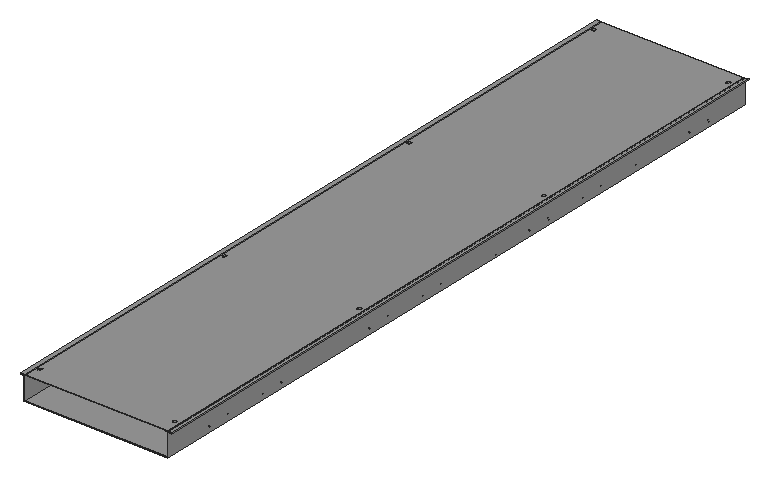
Revit family "Kanaleinheit Estrichbündig- OKB-FK 400", category Generic Models, Revit 2017
Family settings
  Can host rebar = No
  Round Connector Dimension = Use Diameter
  Part Type = Normal
  Work Plane-Based = No
  Always vertical = Yes
  Cut with Voids When Loaded = No
  Shared = No
  Room Calculation Point = No
Parameters (values of type "OKB-FK 400")
  URL = "http://www.obo-bettermann.com"
  Material = Strip galvanised
  Manufacturer Art.No. = "7403605"
  Manufacturer = "OBO BETTERMANN"
  GTIN = "4012196690503"
  Cut's number 3 = 10
  Cut's number 2 = 2
  Cut's number = 4
  Article Type = "OKB-FK 400"
Reference planes
  plane 1 "Center (Front/Back)": y = 0
  plane 2: z = 0
  plane 3 "Center (Left/Right)": x = 0
  plane 4: z = 66
  plane 5: x = 400
  plane 6: x = 10.002
  plane 7: x = 410.002
  plane 8: y = 2000
  plane 9: x = 210.052
  plane 10: y = 40
  plane 11: x = 23.452
  plane 12: x = 396.652
  plane 13: x = 210.052
  plane 14: y = 680
  plane 15: x = 23.452
  plane 16: x = 396.652
  plane 17: x = 210.052
  plane 18: y = 1320
  plane 19: x = 23.452
  plane 20: x = 396.652
  plane 21: x = 210.052
  plane 22: y = 1960
  plane 23: x = 23.452
  plane 24: x = 396.652
  plane 25: y = 130
  plane 26: z = 22.995
  plane 27: y = 115
  plane 28: y = 145
  plane 29: y = 195
  plane 30: z = 22.995
  plane 31: y = 180
  plane 32: y = 210
  plane 33: y = 130
  plane 34: z = 22.995
  plane 35: y = 115
  plane 36: y = 145
  plane 37: y = 315
  plane 38: z = 22.995
  plane 39: y = 300
  plane 40: y = 330
  plane 41: y = 380
  plane 42: z = 22.995
  plane 43: y = 365
  plane 44: y = 395
  plane 45: y = 500
  plane 46: z = 22.995
  plane 47: y = 485
  plane 48: y = 515
  plane 49: y = 565
  plane 50: z = 22.995
  plane 51: y = 550
  plane 52: y = 580
  plane 53: y = 685
  plane 54: z = 22.995
  plane 55: y = 670
  plane 56: y = 700
  plane 57: y = 750
  plane 58: z = 22.995
  plane 59: y = 735
  plane 60: y = 765
  plane 61: y = 870
  plane 62: z = 22.995
  plane 63: y = 855
  plane 64: y = 885
  plane 65: y = 935
  plane 66: z = 22.995
  plane 67: y = 920
  plane 68: y = 950
  plane 69: y = 1055
  plane 70: z = 22.995
  plane 71: y = 1040
  plane 72: y = 1070
  plane 73: y = 1120
  plane 74: z = 22.995
  plane 75: y = 1105
  plane 76: y = 1135
  plane 77: y = 1240
  plane 78: z = 22.995
  plane 79: y = 1225
  plane 80: y = 1255
  plane 81: y = 1305
  plane 82: z = 22.995
  plane 83: y = 1290
  plane 84: y = 1320
  plane 85: y = 1425
  plane 86: z = 22.995
  plane 87: y = 1410
  plane 88: y = 1440
  plane 89: y = 1490
  plane 90: z = 22.995
  plane 91: y = 1475
  plane 92: y = 1505
  plane 93: y = 1610
  plane 94: z = 22.995
  plane 95: y = 1595
  plane 96: y = 1625
  plane 97: y = 1675
  plane 98: z = 22.995
  plane 99: y = 1660
  plane 100: y = 1690
  plane 101: y = 1795
  plane 102: z = 22.995
  plane 103: y = 1780
  plane 104: y = 1810
  plane 105: y = 1860
  plane 106: z = 22.995
  plane 107: y = 1845
  plane 108: y = 1875
  plane 109: x = 210
  plane 110: y = 130
  plane 111: z = 22.995
  plane 112: y = 115
  plane 113: y = 145
  plane 114: y = 195
  plane 115: z = 22.995
  plane 116: y = 180
  plane 117: y = 210
  plane 118: y = 315
  plane 119: z = 22.995
  plane 120: y = 300
  plane 121: y = 330
  plane 122: y = 380
  plane 123: z = 22.995
  plane 124: y = 365
  plane 125: y = 395
  plane 126: y = 685
  plane 127: z = 22.995
  plane 128: y = 670
  plane 129: y = 700
  plane 130: y = 750
  plane 131: z = 22.995
  plane 132: y = 735
  plane 133: y = 765
  plane 134: y = 500
  plane 135: z = 22.995
  plane 136: y = 485
  plane 137: y = 515
  plane 138: y = 565
  plane 139: z = 22.995
  plane 140: y = 550
  plane 141: y = 580
  plane 142: x = 210
  plane 143: x = 210
  plane 144: y = 870
  plane 145: z = 22.995
  plane 146: y = 855
  plane 147: y = 885
  plane 148: y = 935
  plane 149: z = 22.995
  plane 150: y = 920
  plane 151: y = 950
  plane 152: y = 1055
  plane 153: z = 22.995
  plane 154: y = 1040
  plane 155: y = 1070
  plane 156: y = 1120
  plane 157: z = 22.995
  plane 158: y = 1105
  plane 159: y = 1135
  plane 160: y = 1240
  plane 161: z = 22.995
  plane 162: y = 1225
  plane 163: y = 1255
  plane 164: y = 1305
  plane 165: z = 22.995
  plane 166: y = 1290
  plane 167: y = 1320
  plane 168: y = 1425
  plane 169: z = 22.995
  plane 170: y = 1410
  plane 171: y = 1440
  plane 172: y = 1490
  plane 173: z = 22.995
  plane 174: y = 1475
  plane 175: y = 1505
  plane 176: y = 1610
  plane 177: z = 22.995
  plane 178: y = 1595
  plane 179: y = 1625
  plane 180: y = 1675
  plane 181: z = 22.995
  plane 182: y = 1660
  plane 183: y = 1690
  plane 184: y = 1795
  plane 185: z = 22.995
  plane 186: y = 1780
  plane 187: y = 1810
  plane 188: y = 1860
  plane 189: z = 22.995
  plane 190: y = 1845
  plane 191: y = 1875
  plane 192: through (407.998, -1524, 2.995) normal (-0.7071, 0, -0.7071)
  plane 193: y = 130
  plane 194: x = 387.998
  plane 195: y = 115
  plane 196: y = 145
  plane 197: y = 195
  plane 198: x = 387.998
  plane 199: y = 180
  plane 200: y = 210
  plane 201: y = 315
  plane 202: x = 387.998
  plane 203: y = 300
  plane 204: y = 330
  plane 205: y = 380
  plane 206: x = 387.998
  plane 207: y = 365
  plane 208: y = 395
  plane 209: y = 500
  plane 210: x = 387.998
  plane 211: y = 485
  plane 212: y = 515
  plane 213: y = 565
  plane 214: x = 387.998
  plane 215: y = 550
  plane 216: y = 580
  plane 217: y = 685
  plane 218: x = 387.998
  plane 219: y = 670
  plane 220: y = 700
  plane 221: y = 750
  plane 222: x = 387.998
  plane 223: y = 735
  plane 224: y = 765
  plane 225: y = 870
  plane 226: x = 387.998
  plane 227: y = 855
  plane 228: y = 885
  plane 229: y = 935
  plane 230: x = 387.998
  plane 231: y = 920
  plane 232: y = 950
  plane 233: y = 1055
  plane 234: x = 387.998
  plane 235: y = 1040
  plane 236: y = 1070
  plane 237: y = 1120
  plane 238: x = 387.998
  plane 239: y = 1105
  plane 240: y = 1135
  plane 241: y = 1240
  plane 242: x = 387.998
  plane 243: y = 1225
  plane 244: y = 1255
  plane 245: y = 1305
  plane 246: x = 387.998
  plane 247: y = 1290
  plane 248: y = 1320
  plane 249: y = 1425
  plane 250: x = 387.998
  plane 251: y = 1410
  plane 252: y = 1440
  plane 253: y = 1490
  plane 254: x = 387.998
  plane 255: y = 1475
  plane 256: y = 1505
  plane 257: y = 1610
  plane 258: x = 387.998
  plane 259: y = 1595
  plane 260: y = 1625
  plane 261: y = 1675
  plane 262: x = 387.998
  plane 263: y = 1660
  plane 264: y = 1690
  plane 265: y = 1795
  plane 266: x = 387.998
  plane 267: y = 1780
  plane 268: y = 1810
  plane 269: y = 1860
  plane 270: x = 387.998
  plane 271: y = 1845
  plane 272: y = 1875
  plane 273: y = 130
  plane 274: x = 32.002
  plane 275: y = 115
  plane 276: y = 145
  plane 277: y = 195
  plane 278: x = 32.002
  plane 279: y = 180
  plane 280: y = 210
  plane 281: y = 315
  plane 282: x = 32.002
  plane 283: y = 300
  plane 284: y = 330
  plane 285: y = 380
  plane 286: x = 32.002
  plane 287: y = 365
  plane 288: y = 395
  plane 289: y = 500
  plane 290: x = 32.002
  plane 291: y = 485
  plane 292: y = 515
  plane 293: y = 565
  plane 294: x = 32.002
  plane 295: y = 550
  plane 296: y = 580
  plane 297: y = 685
  plane 298: x = 32.002
  plane 299: y = 670
  plane 300: y = 700
  plane 301: y = 750
  plane 302: x = 32.002
  plane 303: y = 735
  plane 304: y = 765
  plane 305: y = 870
  plane 306: x = 32.002
  plane 307: y = 855
  plane 308: y = 885
  plane 309: y = 935
  plane 310: x = 32.002
  plane 311: y = 920
  plane 312: y = 950
  plane 313: y = 1055
  plane 314: x = 32.002
  plane 315: y = 1040
  plane 316: y = 1070
  plane 317: y = 1120
  plane 318: x = 32.002
  plane 319: y = 1105
  plane 320: y = 1135
  plane 321: y = 1240
  plane 322: x = 32.002
  plane 323: y = 1225
  plane 324: y = 1255
  plane 325: y = 1305
  plane 326: x = 32.002
  plane 327: y = 1290
  plane 328: y = 1320
  plane 329: y = 1425
  plane 330: x = 32.002
  plane 331: y = 1410
  plane 332: y = 1440
  plane 333: y = 1490
  plane 334: x = 32.002
  plane 335: y = 1475
  plane 336: y = 1505
  plane 337: y = 1610
  plane 338: x = 32.002
  plane 339: y = 1595
  plane 340: y = 1625
  plane 341: y = 1675
  plane 342: x = 32.002
  plane 343: y = 1660
  plane 344: y = 1690
  plane 345: y = 1795
  plane 346: x = 32.002
  plane 347: y = 1780
  plane 348: y = 1810
  plane 349: y = 1860
  plane 350: x = 32.002
  plane 351: y = 1845
  plane 352: y = 1875
Forms (mm)
  Extrusion 1, solid, material "Strip galvanised" <- "Material"
    sketch origin (0, 0, 0) x (1, 0, 0) y (0, 0, 1)
      loop
        line (0, 66.995) -> (0, 64.995) -> (10.002, 64.995) -> (10.002, 0.995) -> (410.002, 0.995) -> (410.002, 64.995) -> (419.991, 64.995) -> (419.991, 66.995) -> (408.022, 66.995) -> (408.022, 2.995) -> (12.002, 2.995) -> (12.002, 66.995) -> (0, 66.995)
    from 0 to -2000
  Extrusion 2, solid, material "Strip galvanised" <- "Material"
    sketch origin (0, 0, 0) x (1, 0, 0) y (0, 0, 1)
      loop
        line (12.002, 66.995) -> (12.002, 65.989) -> (408.022, 65.989) -> (408.022, 66.995) -> (12.002, 66.995)
    from 0 to -2000
  Extrusion 3, void
    sketch origin (0, 0, 0) x (1, 0, 0) y (0, 1, 0)
      loop
        circle (23.452, 40) r 5
      loop
        circle (396.652, 40) r 5
    from 64.995 to 66.995
  Extrusion 4, void
    sketch origin (0, 640, 0) x (1, 0, 0) y (0, 1, 0)
      loop
        circle (23.452, 40) r 5
      loop
        circle (396.652, 40) r 5
    from 64.995 to 66.995
  Extrusion 5, void
    sketch origin (0, 1280, 0) x (1, 0, 0) y (0, 1, 0)
      loop
        circle (23.452, 40) r 5
      loop
        circle (396.652, 40) r 5
    from 64.995 to 66.995
  Extrusion 6, void
    sketch origin (0, 1920, 0) x (1, 0, 0) y (0, 1, 0)
      loop
        circle (23.452, 40) r 5
      loop
        circle (396.652, 40) r 5
    from 64.995 to 66.995
  Extrusion 7, void
    sketch origin (0, 0, 0) x (0, 1, 0) y (0, 0, 1)
      loop
        line (115, 2.995) -> (116, 2.995) -> (116, 7.971)
        arc (116, 7.971) -> (130, 21.971) -> (144, 7.971) r 14
        line (144, 7.971) -> (144, 2.995) -> (145, 2.995) -> (145, 7.971)
        arc (145, 7.971) -> (130, 22.971) -> (115, 7.971) r 15
        line (115, 7.971) -> (115, 2.995)
    from 10.002 to 12.002
  Extrusion 8, void
    sketch origin (0, 65, 0) x (0, 1, 0) y (0, 0, 1)
      loop
        line (115, 2.995) -> (116, 2.995) -> (116, 7.971)
        arc (116, 7.971) -> (130, 21.971) -> (144, 7.971) r 14
        line (144, 7.971) -> (144, 2.995) -> (145, 2.995) -> (145, 7.971)
        arc (145, 7.971) -> (130, 22.971) -> (115, 7.971) r 15
        line (115, 7.971) -> (115, 2.995)
    from 10.002 to 12.002
  Extrusion 9, void, not visible
    sketch origin (0, 0, 0) x (0, 1, 0) y (0, 0, 1)
      loop
        line (115, 2.995) -> (116, 2.995) -> (116, 7.971)
        arc (116, 7.971) -> (130, 21.971) -> (144, 7.971) r 14
        line (144, 7.971) -> (144, 2.995) -> (145, 2.995) -> (145, 7.971)
        arc (145, 7.971) -> (130, 22.971) -> (115, 7.971) r 15
        line (115, 7.971) -> (115, 2.995)
    from 10.002 to 12.002
  Extrusion 10, void
    sketch origin (0, 185, 0) x (0, 1, 0) y (0, 0, 1)
      loop
        line (115, 2.995) -> (116, 2.995) -> (116, 7.971)
        arc (116, 7.971) -> (130, 21.971) -> (144, 7.971) r 14
        line (144, 7.971) -> (144, 2.995) -> (145, 2.995) -> (145, 7.971)
        arc (145, 7.971) -> (130, 22.971) -> (115, 7.971) r 15
        line (115, 7.971) -> (115, 2.995)
    from 10.002 to 12.002
  Extrusion 11, void
    sketch origin (0, 250, 0) x (0, 1, 0) y (0, 0, 1)
      loop
        line (115, 2.995) -> (116, 2.995) -> (116, 7.971)
        arc (116, 7.971) -> (130, 21.971) -> (144, 7.971) r 14
        line (144, 7.971) -> (144, 2.995) -> (145, 2.995) -> (145, 7.971)
        arc (145, 7.971) -> (130, 22.971) -> (115, 7.971) r 15
        line (115, 7.971) -> (115, 2.995)
    from 10.002 to 12.002
  Extrusion 12, void
    sketch origin (0, 370, 0) x (0, 1, 0) y (0, 0, 1)
      loop
        line (115, 2.995) -> (116, 2.995) -> (116, 7.971)
        arc (116, 7.971) -> (130, 21.971) -> (144, 7.971) r 14
        line (144, 7.971) -> (144, 2.995) -> (145, 2.995) -> (145, 7.971)
        arc (145, 7.971) -> (130, 22.971) -> (115, 7.971) r 15
        line (115, 7.971) -> (115, 2.995)
    from 10.002 to 12.002
  Extrusion 13, void
    sketch origin (0, 435, 0) x (0, 1, 0) y (0, 0, 1)
      loop
        line (115, 2.995) -> (116, 2.995) -> (116, 7.971)
        arc (116, 7.971) -> (130, 21.971) -> (144, 7.971) r 14
        line (144, 7.971) -> (144, 2.995) -> (145, 2.995) -> (145, 7.971)
        arc (145, 7.971) -> (130, 22.971) -> (115, 7.971) r 15
        line (115, 7.971) -> (115, 2.995)
    from 10.002 to 12.002
  Extrusion 14, void
    sketch origin (0, 555, 0) x (0, 1, 0) y (0, 0, 1)
      loop
        line (115, 2.995) -> (116, 2.995) -> (116, 7.971)
        arc (116, 7.971) -> (130, 21.971) -> (144, 7.971) r 14
        line (144, 7.971) -> (144, 2.995) -> (145, 2.995) -> (145, 7.971)
        arc (145, 7.971) -> (130, 22.971) -> (115, 7.971) r 15
        line (115, 7.971) -> (115, 2.995)
    from 10.002 to 12.002
  Extrusion 15, void
    sketch origin (0, 620, 0) x (0, 1, 0) y (0, 0, 1)
      loop
        line (115, 2.995) -> (116, 2.995) -> (116, 7.971)
        arc (116, 7.971) -> (130, 21.971) -> (144, 7.971) r 14
        line (144, 7.971) -> (144, 2.995) -> (145, 2.995) -> (145, 7.971)
        arc (145, 7.971) -> (130, 22.971) -> (115, 7.971) r 15
        line (115, 7.971) -> (115, 2.995)
    from 10.002 to 12.002
  Extrusion 16, void
    sketch origin (0, 740, 0) x (0, 1, 0) y (0, 0, 1)
      loop
        line (115, 2.995) -> (116, 2.995) -> (116, 7.971)
        arc (116, 7.971) -> (130, 21.971) -> (144, 7.971) r 14
        line (144, 7.971) -> (144, 2.995) -> (145, 2.995) -> (145, 7.971)
        arc (145, 7.971) -> (130, 22.971) -> (115, 7.971) r 15
        line (115, 7.971) -> (115, 2.995)
    from 10.002 to 12.002
  Extrusion 17, void
    sketch origin (0, 805, 0) x (0, 1, 0) y (0, 0, 1)
      loop
        line (115, 2.995) -> (116, 2.995) -> (116, 7.971)
        arc (116, 7.971) -> (130, 21.971) -> (144, 7.971) r 14
        line (144, 7.971) -> (144, 2.995) -> (145, 2.995) -> (145, 7.971)
        arc (145, 7.971) -> (130, 22.971) -> (115, 7.971) r 15
        line (115, 7.971) -> (115, 2.995)
    from 10.002 to 12.002
  Extrusion 18, void
    sketch origin (0, 925, 0) x (0, 1, 0) y (0, 0, 1)
      loop
        line (115, 2.995) -> (116, 2.995) -> (116, 7.971)
        arc (116, 7.971) -> (130, 21.971) -> (144, 7.971) r 14
        line (144, 7.971) -> (144, 2.995) -> (145, 2.995) -> (145, 7.971)
        arc (145, 7.971) -> (130, 22.971) -> (115, 7.971) r 15
        line (115, 7.971) -> (115, 2.995)
    from 10.002 to 12.002
  Extrusion 19, void
    sketch origin (0, 990, 0) x (0, 1, 0) y (0, 0, 1)
      loop
        line (115, 2.995) -> (116, 2.995) -> (116, 7.971)
        arc (116, 7.971) -> (130, 21.971) -> (144, 7.971) r 14
        line (144, 7.971) -> (144, 2.995) -> (145, 2.995) -> (145, 7.971)
        arc (145, 7.971) -> (130, 22.971) -> (115, 7.971) r 15
        line (115, 7.971) -> (115, 2.995)
    from 10.002 to 12.002
  Extrusion 20, void
    sketch origin (0, 1110, 0) x (0, 1, 0) y (0, 0, 1)
      loop
        line (115, 2.995) -> (116, 2.995) -> (116, 7.971)
        arc (116, 7.971) -> (130, 21.971) -> (144, 7.971) r 14
        line (144, 7.971) -> (144, 2.995) -> (145, 2.995) -> (145, 7.971)
        arc (145, 7.971) -> (130, 22.971) -> (115, 7.971) r 15
        line (115, 7.971) -> (115, 2.995)
    from 10.002 to 12.002
  Extrusion 21, void
    sketch origin (0, 1175, 0) x (0, 1, 0) y (0, 0, 1)
      loop
        line (115, 2.995) -> (116, 2.995) -> (116, 7.971)
        arc (116, 7.971) -> (130, 21.971) -> (144, 7.971) r 14
        line (144, 7.971) -> (144, 2.995) -> (145, 2.995) -> (145, 7.971)
        arc (145, 7.971) -> (130, 22.971) -> (115, 7.971) r 15
        line (115, 7.971) -> (115, 2.995)
    from 10.002 to 12.002
  Extrusion 22, void
    sketch origin (0, 1295, 0) x (0, 1, 0) y (0, 0, 1)
      loop
        line (115, 2.995) -> (116, 2.995) -> (116, 7.971)
        arc (116, 7.971) -> (130, 21.971) -> (144, 7.971) r 14
        line (144, 7.971) -> (144, 2.995) -> (145, 2.995) -> (145, 7.971)
        arc (145, 7.971) -> (130, 22.971) -> (115, 7.971) r 15
        line (115, 7.971) -> (115, 2.995)
    from 10.002 to 12.002
  Extrusion 23, void
    sketch origin (0, 1360, 0) x (0, 1, 0) y (0, 0, 1)
      loop
        line (115, 2.995) -> (116, 2.995) -> (116, 7.971)
        arc (116, 7.971) -> (130, 21.971) -> (144, 7.971) r 14
        line (144, 7.971) -> (144, 2.995) -> (145, 2.995) -> (145, 7.971)
        arc (145, 7.971) -> (130, 22.971) -> (115, 7.971) r 15
        line (115, 7.971) -> (115, 2.995)
    from 10.002 to 12.002
  Extrusion 24, void
    sketch origin (0, 1480, 0) x (0, 1, 0) y (0, 0, 1)
      loop
        line (115, 2.995) -> (116, 2.995) -> (116, 7.971)
        arc (116, 7.971) -> (130, 21.971) -> (144, 7.971) r 14
        line (144, 7.971) -> (144, 2.995) -> (145, 2.995) -> (145, 7.971)
        arc (145, 7.971) -> (130, 22.971) -> (115, 7.971) r 15
        line (115, 7.971) -> (115, 2.995)
    from 10.002 to 12.002
  Extrusion 25, void
    sketch origin (0, 1545, 0) x (0, 1, 0) y (0, 0, 1)
      loop
        line (115, 2.995) -> (116, 2.995) -> (116, 7.971)
        arc (116, 7.971) -> (130, 21.971) -> (144, 7.971) r 14
        line (144, 7.971) -> (144, 2.995) -> (145, 2.995) -> (145, 7.971)
        arc (145, 7.971) -> (130, 22.971) -> (115, 7.971) r 15
        line (115, 7.971) -> (115, 2.995)
    from 10.002 to 12.002
  Extrusion 26, void
    sketch origin (0, 1665, 0) x (0, 1, 0) y (0, 0, 1)
      loop
        line (115, 2.995) -> (116, 2.995) -> (116, 7.971)
        arc (116, 7.971) -> (130, 21.971) -> (144, 7.971) r 14
        line (144, 7.971) -> (144, 2.995) -> (145, 2.995) -> (145, 7.971)
        arc (145, 7.971) -> (130, 22.971) -> (115, 7.971) r 15
        line (115, 7.971) -> (115, 2.995)
    from 10.002 to 12.002
  Extrusion 27, void
    sketch origin (0, 1730, 0) x (0, 1, 0) y (0, 0, 1)
      loop
        line (115, 2.995) -> (116, 2.995) -> (116, 7.971)
        arc (116, 7.971) -> (130, 21.971) -> (144, 7.971) r 14
        line (144, 7.971) -> (144, 2.995) -> (145, 2.995) -> (145, 7.971)
        arc (145, 7.971) -> (130, 22.971) -> (115, 7.971) r 15
        line (115, 7.971) -> (115, 2.995)
    from 10.002 to 12.002
  Extrusion 28, void
    sketch origin (420, 0, 0) x (0, 1, 0) y (0, 0, -1)
      loop
        line (115, -2.995) -> (115, -7.971)
        arc (115, -7.971) -> (130, -22.971) -> (145, -7.971) r 15
        line (145, -7.971) -> (145, -2.995) -> (144, -2.995) -> (144, -7.971)
        arc (144, -7.971) -> (130, -21.971) -> (116, -7.971) r 14
        line (116, -7.971) -> (116, -2.995) -> (115, -2.995)
    from 10.002 to 12.002
  Extrusion 29, void
    sketch origin (420, 65, 0) x (0, 1, 0) y (0, 0, -1)
      loop
        line (115, -2.995) -> (115, -7.971)
        arc (115, -7.971) -> (130, -22.971) -> (145, -7.971) r 15
        line (145, -7.971) -> (145, -2.995) -> (144, -2.995) -> (144, -7.971)
        arc (144, -7.971) -> (130, -21.971) -> (116, -7.971) r 14
        line (116, -7.971) -> (116, -2.995) -> (115, -2.995)
    from 10.002 to 12.002
  Extrusion 30, void
    sketch origin (420, 185, 0) x (0, 1, 0) y (0, 0, -1)
      loop
        line (115, -2.995) -> (115, -7.971)
        arc (115, -7.971) -> (130, -22.971) -> (145, -7.971) r 15
        line (145, -7.971) -> (145, -2.995) -> (144, -2.995) -> (144, -7.971)
        arc (144, -7.971) -> (130, -21.971) -> (116, -7.971) r 14
        line (116, -7.971) -> (116, -2.995) -> (115, -2.995)
    from 10.002 to 12.002
  Extrusion 31, void
    sketch origin (420, 250, 0) x (0, 1, 0) y (0, 0, -1)
      loop
        line (115, -2.995) -> (115, -7.971)
        arc (115, -7.971) -> (130, -22.971) -> (145, -7.971) r 15
        line (145, -7.971) -> (145, -2.995) -> (144, -2.995) -> (144, -7.971)
        arc (144, -7.971) -> (130, -21.971) -> (116, -7.971) r 14
        line (116, -7.971) -> (116, -2.995) -> (115, -2.995)
    from 10.002 to 12.002
  Extrusion 32, void
    sketch origin (420, 555, 0) x (0, 1, 0) y (0, 0, -1)
      loop
        line (115, -2.995) -> (115, -7.971)
        arc (115, -7.971) -> (130, -22.971) -> (145, -7.971) r 15
        line (145, -7.971) -> (145, -2.995) -> (144, -2.995) -> (144, -7.971)
        arc (144, -7.971) -> (130, -21.971) -> (116, -7.971) r 14
        line (116, -7.971) -> (116, -2.995) -> (115, -2.995)
    from 10.002 to 12.002
  Extrusion 33, void
    sketch origin (420, 620, 0) x (0, 1, 0) y (0, 0, -1)
      loop
        line (115, -2.995) -> (115, -7.971)
        arc (115, -7.971) -> (130, -22.971) -> (145, -7.971) r 15
        line (145, -7.971) -> (145, -2.995) -> (144, -2.995) -> (144, -7.971)
        arc (144, -7.971) -> (130, -21.971) -> (116, -7.971) r 14
        line (116, -7.971) -> (116, -2.995) -> (115, -2.995)
    from 10.002 to 12.002
  Extrusion 34, void
    sketch origin (420, 370, 0) x (0, 1, 0) y (0, 0, -1)
      loop
        line (115, -2.995) -> (115, -7.971)
        arc (115, -7.971) -> (130, -22.971) -> (145, -7.971) r 15
        line (145, -7.971) -> (145, -2.995) -> (144, -2.995) -> (144, -7.971)
        arc (144, -7.971) -> (130, -21.971) -> (116, -7.971) r 14
        line (116, -7.971) -> (116, -2.995) -> (115, -2.995)
    from 10.002 to 12.002
  Extrusion 35, void
    sketch origin (420, 435, 0) x (0, 1, 0) y (0, 0, -1)
      loop
        line (115, -2.995) -> (115, -7.971)
        arc (115, -7.971) -> (130, -22.971) -> (145, -7.971) r 15
        line (145, -7.971) -> (145, -2.995) -> (144, -2.995) -> (144, -7.971)
        arc (144, -7.971) -> (130, -21.971) -> (116, -7.971) r 14
        line (116, -7.971) -> (116, -2.995) -> (115, -2.995)
    from 10.002 to 12.002
  Extrusion 36, void
    sketch origin (420, 740, 0) x (0, 1, 0) y (0, 0, -1)
      loop
        line (115, -2.995) -> (115, -7.971)
        arc (115, -7.971) -> (130, -22.971) -> (145, -7.971) r 15
        line (145, -7.971) -> (145, -2.995) -> (144, -2.995) -> (144, -7.971)
        arc (144, -7.971) -> (130, -21.971) -> (116, -7.971) r 14
        line (116, -7.971) -> (116, -2.995) -> (115, -2.995)
    from 10.002 to 12.002
  Extrusion 37, void
    sketch origin (420, 805, 0) x (0, 1, 0) y (0, 0, -1)
      loop
        line (115, -2.995) -> (115, -7.971)
        arc (115, -7.971) -> (130, -22.971) -> (145, -7.971) r 15
        line (145, -7.971) -> (145, -2.995) -> (144, -2.995) -> (144, -7.971)
        arc (144, -7.971) -> (130, -21.971) -> (116, -7.971) r 14
        line (116, -7.971) -> (116, -2.995) -> (115, -2.995)
    from 10.002 to 12.002
  Extrusion 38, void
    sketch origin (420, 925, 0) x (0, 1, 0) y (0, 0, -1)
      loop
        line (115, -2.995) -> (115, -7.971)
        arc (115, -7.971) -> (130, -22.971) -> (145, -7.971) r 15
        line (145, -7.971) -> (145, -2.995) -> (144, -2.995) -> (144, -7.971)
        arc (144, -7.971) -> (130, -21.971) -> (116, -7.971) r 14
        line (116, -7.971) -> (116, -2.995) -> (115, -2.995)
    from 10.002 to 12.002
  Extrusion 39, void
    sketch origin (420, 990, 0) x (0, 1, 0) y (0, 0, -1)
      loop
        line (115, -2.995) -> (115, -7.971)
        arc (115, -7.971) -> (130, -22.971) -> (145, -7.971) r 15
        line (145, -7.971) -> (145, -2.995) -> (144, -2.995) -> (144, -7.971)
        arc (144, -7.971) -> (130, -21.971) -> (116, -7.971) r 14
        line (116, -7.971) -> (116, -2.995) -> (115, -2.995)
    from 10.002 to 12.002
  Extrusion 40, void
    sketch origin (420, 1110, 0) x (0, 1, 0) y (0, 0, -1)
      loop
        line (115, -2.995) -> (115, -7.971)
        arc (115, -7.971) -> (130, -22.971) -> (145, -7.971) r 15
        line (145, -7.971) -> (145, -2.995) -> (144, -2.995) -> (144, -7.971)
        arc (144, -7.971) -> (130, -21.971) -> (116, -7.971) r 14
        line (116, -7.971) -> (116, -2.995) -> (115, -2.995)
    from 10.002 to 12.002
  Extrusion 41, void
    sketch origin (420, 1175, 0) x (0, 1, 0) y (0, 0, -1)
      loop
        line (115, -2.995) -> (115, -7.971)
        arc (115, -7.971) -> (130, -22.971) -> (145, -7.971) r 15
        line (145, -7.971) -> (145, -2.995) -> (144, -2.995) -> (144, -7.971)
        arc (144, -7.971) -> (130, -21.971) -> (116, -7.971) r 14
        line (116, -7.971) -> (116, -2.995) -> (115, -2.995)
    from 10.002 to 12.002
  Extrusion 42, void
    sketch origin (420, 1295, 0) x (0, 1, 0) y (0, 0, -1)
      loop
        line (115, -2.995) -> (115, -7.971)
        arc (115, -7.971) -> (130, -22.971) -> (145, -7.971) r 15
        line (145, -7.971) -> (145, -2.995) -> (144, -2.995) -> (144, -7.971)
        arc (144, -7.971) -> (130, -21.971) -> (116, -7.971) r 14
        line (116, -7.971) -> (116, -2.995) -> (115, -2.995)
    from 10.002 to 12.002
  Extrusion 43, void
    sketch origin (420, 1360, 0) x (0, 1, 0) y (0, 0, -1)
      loop
        line (115, -2.995) -> (115, -7.971)
        arc (115, -7.971) -> (130, -22.971) -> (145, -7.971) r 15
        line (145, -7.971) -> (145, -2.995) -> (144, -2.995) -> (144, -7.971)
        arc (144, -7.971) -> (130, -21.971) -> (116, -7.971) r 14
        line (116, -7.971) -> (116, -2.995) -> (115, -2.995)
    from 10.002 to 12.002
  Extrusion 44, void
    sketch origin (420, 1480, 0) x (0, 1, 0) y (0, 0, -1)
      loop
        line (115, -2.995) -> (115, -7.971)
        arc (115, -7.971) -> (130, -22.971) -> (145, -7.971) r 15
        line (145, -7.971) -> (145, -2.995) -> (144, -2.995) -> (144, -7.971)
        arc (144, -7.971) -> (130, -21.971) -> (116, -7.971) r 14
        line (116, -7.971) -> (116, -2.995) -> (115, -2.995)
    from 10.002 to 12.002
  Extrusion 45, void
    sketch origin (420, 1545, 0) x (0, 1, 0) y (0, 0, -1)
      loop
        line (115, -2.995) -> (115, -7.971)
        arc (115, -7.971) -> (130, -22.971) -> (145, -7.971) r 15
        line (145, -7.971) -> (145, -2.995) -> (144, -2.995) -> (144, -7.971)
        arc (144, -7.971) -> (130, -21.971) -> (116, -7.971) r 14
        line (116, -7.971) -> (116, -2.995) -> (115, -2.995)
    from 10.002 to 12.002
  Extrusion 46, void
    sketch origin (420, 1665, 0) x (0, 1, 0) y (0, 0, -1)
      loop
        line (115, -2.995) -> (115, -7.971)
        arc (115, -7.971) -> (130, -22.971) -> (145, -7.971) r 15
        line (145, -7.971) -> (145, -2.995) -> (144, -2.995) -> (144, -7.971)
        arc (144, -7.971) -> (130, -21.971) -> (116, -7.971) r 14
        line (116, -7.971) -> (116, -2.995) -> (115, -2.995)
    from 10.002 to 12.002
  Extrusion 47, void
    sketch origin (420, 1730, 0) x (0, 1, 0) y (0, 0, -1)
      loop
        line (115, -2.995) -> (115, -7.971)
        arc (115, -7.971) -> (130, -22.971) -> (145, -7.971) r 15
        line (145, -7.971) -> (145, -2.995) -> (144, -2.995) -> (144, -7.971)
        arc (144, -7.971) -> (130, -21.971) -> (116, -7.971) r 14
        line (116, -7.971) -> (116, -2.995) -> (115, -2.995)
    from 10.002 to 12.002
  Extrusion 48, void
    sketch origin (9.008, -3460, -9.008) x (0, -1, 0) y (1, 0, 0)
      loop
        line (-3575, 398.99) -> (-3576, 398.99) -> (-3576, 394.013)
        arc (-3576, 394.013) -> (-3590, 380.013) -> (-3604, 394.013) r 14
        line (-3604, 394.013) -> (-3604, 398.99) -> (-3605, 398.99) -> (-3605, 394.013)
        arc (-3605, 394.013) -> (-3590, 379.013) -> (-3575, 394.013) r 15
        line (-3575, 394.013) -> (-3575, 398.99)
    from 10.002 to 12.002
  Extrusion 49, void
    sketch origin (9.008, -3395, -9.008) x (0, -1, 0) y (1, 0, 0)
      loop
        line (-3575, 398.99) -> (-3576, 398.99) -> (-3576, 394.013)
        arc (-3576, 394.013) -> (-3590, 380.013) -> (-3604, 394.013) r 14
        line (-3604, 394.013) -> (-3604, 398.99) -> (-3605, 398.99) -> (-3605, 394.013)
        arc (-3605, 394.013) -> (-3590, 379.013) -> (-3575, 394.013) r 15
        line (-3575, 394.013) -> (-3575, 398.99)
    from 10.002 to 12.002
  Extrusion 50, void
    sketch origin (9.008, -3275, -9.008) x (0, -1, 0) y (1, 0, 0)
      loop
        line (-3575, 398.99) -> (-3576, 398.99) -> (-3576, 394.013)
        arc (-3576, 394.013) -> (-3590, 380.013) -> (-3604, 394.013) r 14
        line (-3604, 394.013) -> (-3604, 398.99) -> (-3605, 398.99) -> (-3605, 394.013)
        arc (-3605, 394.013) -> (-3590, 379.013) -> (-3575, 394.013) r 15
        line (-3575, 394.013) -> (-3575, 398.99)
    from 10.002 to 12.002
  Extrusion 51, void
    sketch origin (9.008, -3210, -9.008) x (0, -1, 0) y (1, 0, 0)
      loop
        line (-3575, 398.99) -> (-3576, 398.99) -> (-3576, 394.013)
        arc (-3576, 394.013) -> (-3590, 380.013) -> (-3604, 394.013) r 14
        line (-3604, 394.013) -> (-3604, 398.99) -> (-3605, 398.99) -> (-3605, 394.013)
        arc (-3605, 394.013) -> (-3590, 379.013) -> (-3575, 394.013) r 15
        line (-3575, 394.013) -> (-3575, 398.99)
    from 10.002 to 12.002
  Extrusion 52, void
    sketch origin (9.008, -3090, -9.008) x (0, -1, 0) y (1, 0, 0)
      loop
        line (-3575, 398.99) -> (-3576, 398.99) -> (-3576, 394.013)
        arc (-3576, 394.013) -> (-3590, 380.013) -> (-3604, 394.013) r 14
        line (-3604, 394.013) -> (-3604, 398.99) -> (-3605, 398.99) -> (-3605, 394.013)
        arc (-3605, 394.013) -> (-3590, 379.013) -> (-3575, 394.013) r 15
        line (-3575, 394.013) -> (-3575, 398.99)
    from 10.002 to 12.002
  Extrusion 53, void
    sketch origin (9.008, -3025, -9.008) x (0, -1, 0) y (1, 0, 0)
      loop
        line (-3575, 398.99) -> (-3576, 398.99) -> (-3576, 394.013)
        arc (-3576, 394.013) -> (-3590, 380.013) -> (-3604, 394.013) r 14
        line (-3604, 394.013) -> (-3604, 398.99) -> (-3605, 398.99) -> (-3605, 394.013)
        arc (-3605, 394.013) -> (-3590, 379.013) -> (-3575, 394.013) r 15
        line (-3575, 394.013) -> (-3575, 398.99)
    from 10.002 to 12.002
  Extrusion 54, void
    sketch origin (9.008, -2905, -9.008) x (0, -1, 0) y (1, 0, 0)
      loop
        line (-3575, 398.99) -> (-3576, 398.99) -> (-3576, 394.013)
        arc (-3576, 394.013) -> (-3590, 380.013) -> (-3604, 394.013) r 14
        line (-3604, 394.013) -> (-3604, 398.99) -> (-3605, 398.99) -> (-3605, 394.013)
        arc (-3605, 394.013) -> (-3590, 379.013) -> (-3575, 394.013) r 15
        line (-3575, 394.013) -> (-3575, 398.99)
    from 10.002 to 12.002
  Extrusion 55, void
    sketch origin (9.008, -2840, -9.008) x (0, -1, 0) y (1, 0, 0)
      loop
        line (-3575, 398.99) -> (-3576, 398.99) -> (-3576, 394.013)
        arc (-3576, 394.013) -> (-3590, 380.013) -> (-3604, 394.013) r 14
        line (-3604, 394.013) -> (-3604, 398.99) -> (-3605, 398.99) -> (-3605, 394.013)
        arc (-3605, 394.013) -> (-3590, 379.013) -> (-3575, 394.013) r 15
        line (-3575, 394.013) -> (-3575, 398.99)
    from 10.002 to 12.002
  Extrusion 56, void
    sketch origin (9.008, -2720, -9.008) x (0, -1, 0) y (1, 0, 0)
      loop
        line (-3575, 398.99) -> (-3576, 398.99) -> (-3576, 394.013)
        arc (-3576, 394.013) -> (-3590, 380.013) -> (-3604, 394.013) r 14
        line (-3604, 394.013) -> (-3604, 398.99) -> (-3605, 398.99) -> (-3605, 394.013)
        arc (-3605, 394.013) -> (-3590, 379.013) -> (-3575, 394.013) r 15
        line (-3575, 394.013) -> (-3575, 398.99)
    from 10.002 to 12.002
  Extrusion 57, void
    sketch origin (9.008, -2655, -9.008) x (0, -1, 0) y (1, 0, 0)
      loop
        line (-3575, 398.99) -> (-3576, 398.99) -> (-3576, 394.013)
        arc (-3576, 394.013) -> (-3590, 380.013) -> (-3604, 394.013) r 14
        line (-3604, 394.013) -> (-3604, 398.99) -> (-3605, 398.99) -> (-3605, 394.013)
        arc (-3605, 394.013) -> (-3590, 379.013) -> (-3575, 394.013) r 15
        line (-3575, 394.013) -> (-3575, 398.99)
    from 10.002 to 12.002
  Extrusion 58, void
    sketch origin (9.008, -2535, -9.008) x (0, -1, 0) y (1, 0, 0)
      loop
        line (-3575, 398.99) -> (-3576, 398.99) -> (-3576, 394.013)
        arc (-3576, 394.013) -> (-3590, 380.013) -> (-3604, 394.013) r 14
        line (-3604, 394.013) -> (-3604, 398.99) -> (-3605, 398.99) -> (-3605, 394.013)
        arc (-3605, 394.013) -> (-3590, 379.013) -> (-3575, 394.013) r 15
        line (-3575, 394.013) -> (-3575, 398.99)
    from 10.002 to 12.002
  Extrusion 59, void
    sketch origin (9.008, -2470, -9.008) x (0, -1, 0) y (1, 0, 0)
      loop
        line (-3575, 398.99) -> (-3576, 398.99) -> (-3576, 394.013)
        arc (-3576, 394.013) -> (-3590, 380.013) -> (-3604, 394.013) r 14
        line (-3604, 394.013) -> (-3604, 398.99) -> (-3605, 398.99) -> (-3605, 394.013)
        arc (-3605, 394.013) -> (-3590, 379.013) -> (-3575, 394.013) r 15
        line (-3575, 394.013) -> (-3575, 398.99)
    from 10.002 to 12.002
  Extrusion 60, void
    sketch origin (9.008, -2350, -9.008) x (0, -1, 0) y (1, 0, 0)
      loop
        line (-3575, 398.99) -> (-3576, 398.99) -> (-3576, 394.013)
        arc (-3576, 394.013) -> (-3590, 380.013) -> (-3604, 394.013) r 14
        line (-3604, 394.013) -> (-3604, 398.99) -> (-3605, 398.99) -> (-3605, 394.013)
        arc (-3605, 394.013) -> (-3590, 379.013) -> (-3575, 394.013) r 15
        line (-3575, 394.013) -> (-3575, 398.99)
    from 10.002 to 12.002
  Extrusion 61, void
    sketch origin (9.008, -2285, -9.008) x (0, -1, 0) y (1, 0, 0)
      loop
        line (-3575, 398.99) -> (-3576, 398.99) -> (-3576, 394.013)
        arc (-3576, 394.013) -> (-3590, 380.013) -> (-3604, 394.013) r 14
        line (-3604, 394.013) -> (-3604, 398.99) -> (-3605, 398.99) -> (-3605, 394.013)
        arc (-3605, 394.013) -> (-3590, 379.013) -> (-3575, 394.013) r 15
        line (-3575, 394.013) -> (-3575, 398.99)
    from 10.002 to 12.002
  Extrusion 62, void
    sketch origin (9.008, -2165, -9.008) x (0, -1, 0) y (1, 0, 0)
      loop
        line (-3575, 398.99) -> (-3576, 398.99) -> (-3576, 394.013)
        arc (-3576, 394.013) -> (-3590, 380.013) -> (-3604, 394.013) r 14
        line (-3604, 394.013) -> (-3604, 398.99) -> (-3605, 398.99) -> (-3605, 394.013)
        arc (-3605, 394.013) -> (-3590, 379.013) -> (-3575, 394.013) r 15
        line (-3575, 394.013) -> (-3575, 398.99)
    from 10.002 to 12.002
  Extrusion 63, void
    sketch origin (9.008, -2100, -9.008) x (0, -1, 0) y (1, 0, 0)
      loop
        line (-3575, 398.99) -> (-3576, 398.99) -> (-3576, 394.013)
        arc (-3576, 394.013) -> (-3590, 380.013) -> (-3604, 394.013) r 14
        line (-3604, 394.013) -> (-3604, 398.99) -> (-3605, 398.99) -> (-3605, 394.013)
        arc (-3605, 394.013) -> (-3590, 379.013) -> (-3575, 394.013) r 15
        line (-3575, 394.013) -> (-3575, 398.99)
    from 10.002 to 12.002
  Extrusion 64, void
    sketch origin (9.008, -1980, -9.008) x (0, -1, 0) y (1, 0, 0)
      loop
        line (-3575, 398.99) -> (-3576, 398.99) -> (-3576, 394.013)
        arc (-3576, 394.013) -> (-3590, 380.013) -> (-3604, 394.013) r 14
        line (-3604, 394.013) -> (-3604, 398.99) -> (-3605, 398.99) -> (-3605, 394.013)
        arc (-3605, 394.013) -> (-3590, 379.013) -> (-3575, 394.013) r 15
        line (-3575, 394.013) -> (-3575, 398.99)
    from 10.002 to 12.002
  Extrusion 65, void
    sketch origin (9.008, -1915, -9.008) x (0, -1, 0) y (1, 0, 0)
      loop
        line (-3575, 398.99) -> (-3576, 398.99) -> (-3576, 394.013)
        arc (-3576, 394.013) -> (-3590, 380.013) -> (-3604, 394.013) r 14
        line (-3604, 394.013) -> (-3604, 398.99) -> (-3605, 398.99) -> (-3605, 394.013)
        arc (-3605, 394.013) -> (-3590, 379.013) -> (-3575, 394.013) r 15
        line (-3575, 394.013) -> (-3575, 398.99)
    from 10.002 to 12.002
  Extrusion 66, void
    sketch origin (9.008, -1795, -9.008) x (0, -1, 0) y (1, 0, 0)
      loop
        line (-3575, 398.99) -> (-3576, 398.99) -> (-3576, 394.013)
        arc (-3576, 394.013) -> (-3590, 380.013) -> (-3604, 394.013) r 14
        line (-3604, 394.013) -> (-3604, 398.99) -> (-3605, 398.99) -> (-3605, 394.013)
        arc (-3605, 394.013) -> (-3590, 379.013) -> (-3575, 394.013) r 15
        line (-3575, 394.013) -> (-3575, 398.99)
    from 10.002 to 12.002
  Extrusion 67, void
    sketch origin (410.992, 1730, -9.008) x (0, 1, 0) y (-1, 0, 0)
      loop
        line (115, 2.995) -> (116, 2.995) -> (116, 7.971)
        arc (116, 7.971) -> (130, 21.971) -> (144, 7.971) r 14
        line (144, 7.971) -> (144, 2.995) -> (145, 2.995) -> (145, 7.971)
        arc (145, 7.971) -> (130, 22.971) -> (115, 7.971) r 15
        line (115, 7.971) -> (115, 2.995)
    from 10.002 to 12.002
  Extrusion 68, void
    sketch origin (410.992, 0, -9.008) x (0, 1, 0) y (-1, 0, 0)
      loop
        line (115, 398.99) -> (115, 394.013)
        arc (115, 394.013) -> (130, 379.013) -> (145, 394.013) r 15
        line (145, 394.013) -> (145, 398.99) -> (144, 398.99) -> (144, 394.013)
        arc (144, 394.013) -> (130, 380.013) -> (116, 394.013) r 14
        line (116, 394.013) -> (116, 398.99) -> (115, 398.99)
    from 10.002 to 12.002
  Extrusion 69, void
    sketch origin (410.992, 65, -9.008) x (0, 1, 0) y (-1, 0, 0)
      loop
        line (115, 398.99) -> (115, 394.013)
        arc (115, 394.013) -> (130, 379.013) -> (145, 394.013) r 15
        line (145, 394.013) -> (145, 398.99) -> (144, 398.99) -> (144, 394.013)
        arc (144, 394.013) -> (130, 380.013) -> (116, 394.013) r 14
        line (116, 394.013) -> (116, 398.99) -> (115, 398.99)
    from 10.002 to 12.002
  Extrusion 70, void
    sketch origin (410.992, 185, -9.008) x (0, 1, 0) y (-1, 0, 0)
      loop
        line (115, 398.99) -> (115, 394.013)
        arc (115, 394.013) -> (130, 379.013) -> (145, 394.013) r 15
        line (145, 394.013) -> (145, 398.99) -> (144, 398.99) -> (144, 394.013)
        arc (144, 394.013) -> (130, 380.013) -> (116, 394.013) r 14
        line (116, 394.013) -> (116, 398.99) -> (115, 398.99)
    from 10.002 to 12.002
  Extrusion 71, void
    sketch origin (410.992, 250, -9.008) x (0, 1, 0) y (-1, 0, 0)
      loop
        line (115, 398.99) -> (115, 394.013)
        arc (115, 394.013) -> (130, 379.013) -> (145, 394.013) r 15
        line (145, 394.013) -> (145, 398.99) -> (144, 398.99) -> (144, 394.013)
        arc (144, 394.013) -> (130, 380.013) -> (116, 394.013) r 14
        line (116, 394.013) -> (116, 398.99) -> (115, 398.99)
    from 10.002 to 12.002
  Extrusion 72, void
    sketch origin (410.992, 370, -9.008) x (0, 1, 0) y (-1, 0, 0)
      loop
        line (115, 398.99) -> (115, 394.013)
        arc (115, 394.013) -> (130, 379.013) -> (145, 394.013) r 15
        line (145, 394.013) -> (145, 398.99) -> (144, 398.99) -> (144, 394.013)
        arc (144, 394.013) -> (130, 380.013) -> (116, 394.013) r 14
        line (116, 394.013) -> (116, 398.99) -> (115, 398.99)
    from 10.002 to 12.002
  Extrusion 73, void
    sketch origin (410.992, 435, -9.008) x (0, 1, 0) y (-1, 0, 0)
      loop
        line (115, 398.99) -> (115, 394.013)
        arc (115, 394.013) -> (130, 379.013) -> (145, 394.013) r 15
        line (145, 394.013) -> (145, 398.99) -> (144, 398.99) -> (144, 394.013)
        arc (144, 394.013) -> (130, 380.013) -> (116, 394.013) r 14
        line (116, 394.013) -> (116, 398.99) -> (115, 398.99)
    from 10.002 to 12.002
  Extrusion 74, void
    sketch origin (410.992, 555, -9.008) x (0, 1, 0) y (-1, 0, 0)
      loop
        line (115, 398.99) -> (115, 394.013)
        arc (115, 394.013) -> (130, 379.013) -> (145, 394.013) r 15
        line (145, 394.013) -> (145, 398.99) -> (144, 398.99) -> (144, 394.013)
        arc (144, 394.013) -> (130, 380.013) -> (116, 394.013) r 14
        line (116, 394.013) -> (116, 398.99) -> (115, 398.99)
    from 10.002 to 12.002
  Extrusion 75, void
    sketch origin (410.992, 620, -9.008) x (0, 1, 0) y (-1, 0, 0)
      loop
        line (115, 398.99) -> (115, 394.013)
        arc (115, 394.013) -> (130, 379.013) -> (145, 394.013) r 15
        line (145, 394.013) -> (145, 398.99) -> (144, 398.99) -> (144, 394.013)
        arc (144, 394.013) -> (130, 380.013) -> (116, 394.013) r 14
        line (116, 394.013) -> (116, 398.99) -> (115, 398.99)
    from 10.002 to 12.002
  Extrusion 76, void
    sketch origin (410.992, 740, -9.008) x (0, 1, 0) y (-1, 0, 0)
      loop
        line (115, 398.99) -> (115, 394.013)
        arc (115, 394.013) -> (130, 379.013) -> (145, 394.013) r 15
        line (145, 394.013) -> (145, 398.99) -> (144, 398.99) -> (144, 394.013)
        arc (144, 394.013) -> (130, 380.013) -> (116, 394.013) r 14
        line (116, 394.013) -> (116, 398.99) -> (115, 398.99)
    from 10.002 to 12.002
  Extrusion 77, void
    sketch origin (410.992, 805, -9.008) x (0, 1, 0) y (-1, 0, 0)
      loop
        line (115, 398.99) -> (115, 394.013)
        arc (115, 394.013) -> (130, 379.013) -> (145, 394.013) r 15
        line (145, 394.013) -> (145, 398.99) -> (144, 398.99) -> (144, 394.013)
        arc (144, 394.013) -> (130, 380.013) -> (116, 394.013) r 14
        line (116, 394.013) -> (116, 398.99) -> (115, 398.99)
    from 10.002 to 12.002
  Extrusion 78, void
    sketch origin (410.992, 925, -9.008) x (0, 1, 0) y (-1, 0, 0)
      loop
        line (115, 398.99) -> (115, 394.013)
        arc (115, 394.013) -> (130, 379.013) -> (145, 394.013) r 15
        line (145, 394.013) -> (145, 398.99) -> (144, 398.99) -> (144, 394.013)
        arc (144, 394.013) -> (130, 380.013) -> (116, 394.013) r 14
        line (116, 394.013) -> (116, 398.99) -> (115, 398.99)
    from 10.002 to 12.002
  Extrusion 79, void
    sketch origin (410.992, 990, -9.008) x (0, 1, 0) y (-1, 0, 0)
      loop
        line (115, 398.99) -> (115, 394.013)
        arc (115, 394.013) -> (130, 379.013) -> (145, 394.013) r 15
        line (145, 394.013) -> (145, 398.99) -> (144, 398.99) -> (144, 394.013)
        arc (144, 394.013) -> (130, 380.013) -> (116, 394.013) r 14
        line (116, 394.013) -> (116, 398.99) -> (115, 398.99)
    from 10.002 to 12.002
  Extrusion 80, void
    sketch origin (410.992, 1110, -9.008) x (0, 1, 0) y (-1, 0, 0)
      loop
        line (115, 398.99) -> (115, 394.013)
        arc (115, 394.013) -> (130, 379.013) -> (145, 394.013) r 15
        line (145, 394.013) -> (145, 398.99) -> (144, 398.99) -> (144, 394.013)
        arc (144, 394.013) -> (130, 380.013) -> (116, 394.013) r 14
        line (116, 394.013) -> (116, 398.99) -> (115, 398.99)
    from 10.002 to 12.002
  Extrusion 81, void
    sketch origin (410.992, 1175, -9.008) x (0, 1, 0) y (-1, 0, 0)
      loop
        line (115, 398.99) -> (115, 394.013)
        arc (115, 394.013) -> (130, 379.013) -> (145, 394.013) r 15
        line (145, 394.013) -> (145, 398.99) -> (144, 398.99) -> (144, 394.013)
        arc (144, 394.013) -> (130, 380.013) -> (116, 394.013) r 14
        line (116, 394.013) -> (116, 398.99) -> (115, 398.99)
    from 10.002 to 12.002
  Extrusion 82, void
    sketch origin (410.992, 1295, -9.008) x (0, 1, 0) y (-1, 0, 0)
      loop
        line (115, 398.99) -> (115, 394.013)
        arc (115, 394.013) -> (130, 379.013) -> (145, 394.013) r 15
        line (145, 394.013) -> (145, 398.99) -> (144, 398.99) -> (144, 394.013)
        arc (144, 394.013) -> (130, 380.013) -> (116, 394.013) r 14
        line (116, 394.013) -> (116, 398.99) -> (115, 398.99)
    from 10.002 to 12.002
  Extrusion 83, void
    sketch origin (410.992, 1360, -9.008) x (0, 1, 0) y (-1, 0, 0)
      loop
        line (115, 398.99) -> (115, 394.013)
        arc (115, 394.013) -> (130, 379.013) -> (145, 394.013) r 15
        line (145, 394.013) -> (145, 398.99) -> (144, 398.99) -> (144, 394.013)
        arc (144, 394.013) -> (130, 380.013) -> (116, 394.013) r 14
        line (116, 394.013) -> (116, 398.99) -> (115, 398.99)
    from 10.002 to 12.002
  Extrusion 84, void
    sketch origin (410.992, 1480, -9.008) x (0, 1, 0) y (-1, 0, 0)
      loop
        line (115, 398.99) -> (115, 394.013)
        arc (115, 394.013) -> (130, 379.013) -> (145, 394.013) r 15
        line (145, 394.013) -> (145, 398.99) -> (144, 398.99) -> (144, 394.013)
        arc (144, 394.013) -> (130, 380.013) -> (116, 394.013) r 14
        line (116, 394.013) -> (116, 398.99) -> (115, 398.99)
    from 10.002 to 12.002
  Extrusion 85, void
    sketch origin (410.992, 1545, -9.008) x (0, 1, 0) y (-1, 0, 0)
      loop
        line (115, 398.99) -> (115, 394.013)
        arc (115, 394.013) -> (130, 379.013) -> (145, 394.013) r 15
        line (145, 394.013) -> (145, 398.99) -> (144, 398.99) -> (144, 394.013)
        arc (144, 394.013) -> (130, 380.013) -> (116, 394.013) r 14
        line (116, 394.013) -> (116, 398.99) -> (115, 398.99)
    from 10.002 to 12.002
  Extrusion 86, void
    sketch origin (410.992, 1665, -9.008) x (0, 1, 0) y (-1, 0, 0)
      loop
        line (115, 398.99) -> (115, 394.013)
        arc (115, 394.013) -> (130, 379.013) -> (145, 394.013) r 15
        line (145, 394.013) -> (145, 398.99) -> (144, 398.99) -> (144, 394.013)
        arc (144, 394.013) -> (130, 380.013) -> (116, 394.013) r 14
        line (116, 394.013) -> (116, 398.99) -> (115, 398.99)
    from 10.002 to 12.002
  Extrusion 87, void
    sketch origin (410.992, 1730, -9.008) x (0, 1, 0) y (-1, 0, 0)
      loop
        line (115, 398.99) -> (115, 394.013)
        arc (115, 394.013) -> (130, 379.013) -> (145, 394.013) r 15
        line (145, 394.013) -> (145, 398.99) -> (144, 398.99) -> (144, 394.013)
        arc (144, 394.013) -> (130, 380.013) -> (116, 394.013) r 14
        line (116, 394.013) -> (116, 398.99) -> (115, 398.99)
    from 10.002 to 12.002
Cuts and joins
  Extrusion 3, Extrusion 7, Extrusion 8, Extrusion 10, Extrusion 11, Extrusion 12, Extrusion 13, Extrusion 14, Extrusion 15, Extrusion 16, Extrusion 17, Extrusion 18, Extrusion 19, Extrusion 20, Extrusion 21, Extrusion 22, Extrusion 23, Extrusion 24, Extrusion 25, Extrusion 26, Extrusion 27, Extrusion 28, Extrusion 29, Extrusion 30, Extrusion 31, Extrusion 32, Extrusion 33, Extrusion 34, Extrusion 35, Extrusion 36, Extrusion 37, Extrusion 38, Extrusion 39, Extrusion 40, Extrusion 41, Extrusion 42, Extrusion 43, Extrusion 44, Extrusion 45, Extrusion 46, Extrusion 47, Extrusion 48, Extrusion 49, Extrusion 50, Extrusion 51, Extrusion 52, Extrusion 53, Extrusion 54, Extrusion 55, Extrusion 56, Extrusion 57, Extrusion 58, Extrusion 59, Extrusion 60, Extrusion 61, Extrusion 62, Extrusion 63, Extrusion 64, Extrusion 65, Extrusion 66, Extrusion 67, Extrusion 68, Extrusion 69, Extrusion 70, Extrusion 71, Extrusion 72, Extrusion 73, Extrusion 74, Extrusion 75, Extrusion 76, Extrusion 77, Extrusion 78, Extrusion 79, Extrusion 80, Extrusion 81, Extrusion 82, Extrusion 83, Extrusion 84, Extrusion 85, Extrusion 86, Extrusion 87 cuts Extrusion 1
  Extrusion 3, Extrusion 4, Extrusion 5, Extrusion 6 cuts Extrusion 2
Dimensions and locks
  Extrusion 1 sketch curve to Extrusion 1 sketch curve = 12.002 mm
  locked: plane 7 to plane 6 at 400
  locked: Extrusion 1 sketch curve to Extrusion 1 sketch curve at 400
  locked: Extrusion 1 sketch curve to Extrusion 1 sketch curve at 1.98
  locked: Extrusion 1 sketch curve to Extrusion 1 sketch curve at 11.969
  locked: Extrusion 1 sketch curve to Extrusion 1 sketch curve at 12.002
  locked: Extrusion 1 sketch curve to Extrusion 1 sketch curve at 2  (x4)
  locked: Extrusion 1 sketch curve to Extrusion 1 sketch curve at 66  (x2)
  locked: plane 1 "Center (Front/Back)" to plane 8 at 2000
  locked: Extrusion 2 sketch curve to Extrusion 2 sketch curve at 1.005
  locked: Extrusion 1 to Extrusion 1 at 396.02
  locked: Extrusion 2 sketch curve to Extrusion 1 at 66
  Extrusion 2 to plane 9 = 198.05 mm
  locked: plane 11 to Extrusion 3 sketch curve at 5
  locked: plane 11 to Extrusion 3 sketch curve at 0
  locked: plane 12 to Extrusion 3 sketch curve at 5
  locked: plane 12 to Extrusion 3 sketch curve
  locked: plane 15 to Extrusion 4 sketch curve at 5
  locked: plane 15 to Extrusion 4 sketch curve at 0
  locked: plane 16 to Extrusion 4 sketch curve at 5
  locked: plane 16 to Extrusion 4 sketch curve
  group 1 to group 2 = 0 mm  (x2)
  group 1 to group 2 = 640 mm
  locked: plane 19 to Extrusion 5 sketch curve at 5
  locked: plane 19 to Extrusion 5 sketch curve at 0
  locked: plane 20 to Extrusion 5 sketch curve at 5
  locked: plane 20 to Extrusion 5 sketch curve
  locked: plane 23 to Extrusion 6 sketch curve at 5
  locked: plane 23 to Extrusion 6 sketch curve at 0
  locked: plane 24 to Extrusion 6 sketch curve at 5
  locked: plane 24 to Extrusion 6 sketch curve
  locked: Extrusion 7 sketch curve to Extrusion 7 sketch curve at 30
  locked: Extrusion 7 sketch curve to Extrusion 7 sketch curve at 1  (x2)
  locked: Extrusion 8 sketch curve to Extrusion 8 sketch curve at 30
  locked: Extrusion 8 sketch curve to Extrusion 8 sketch curve at 1  (x2)
  locked: Extrusion 9 sketch curve to Extrusion 9 sketch curve at 30
  locked: Extrusion 9 sketch curve to Extrusion 9 sketch curve at 1  (x2)
  locked: Extrusion 10 sketch curve to Extrusion 10 sketch curve at 30
  locked: Extrusion 10 sketch curve to Extrusion 10 sketch curve at 1  (x2)
  locked: Extrusion 11 sketch curve to Extrusion 11 sketch curve at 30
  locked: Extrusion 11 sketch curve to Extrusion 11 sketch curve at 1  (x2)
  locked: Extrusion 12 sketch curve to Extrusion 12 sketch curve at 30
  locked: Extrusion 12 sketch curve to Extrusion 12 sketch curve at 1  (x2)
  locked: Extrusion 13 sketch curve to Extrusion 13 sketch curve at 30
  locked: Extrusion 13 sketch curve to Extrusion 13 sketch curve at 1  (x2)
  locked: Extrusion 14 sketch curve to Extrusion 14 sketch curve at 30
  locked: Extrusion 14 sketch curve to Extrusion 14 sketch curve at 1  (x2)
  locked: Extrusion 15 sketch curve to Extrusion 15 sketch curve at 30
  locked: Extrusion 15 sketch curve to Extrusion 15 sketch curve at 1  (x2)
  locked: Extrusion 16 sketch curve to Extrusion 16 sketch curve at 30
  locked: Extrusion 16 sketch curve to Extrusion 16 sketch curve at 1  (x2)
  locked: Extrusion 17 sketch curve to Extrusion 17 sketch curve at 30
  locked: Extrusion 17 sketch curve to Extrusion 17 sketch curve at 1  (x2)
  locked: Extrusion 18 sketch curve to Extrusion 18 sketch curve at 30
  locked: Extrusion 18 sketch curve to Extrusion 18 sketch curve at 1  (x2)
  locked: Extrusion 19 sketch curve to Extrusion 19 sketch curve at 30
  locked: Extrusion 19 sketch curve to Extrusion 19 sketch curve at 1  (x2)
  locked: Extrusion 20 sketch curve to Extrusion 20 sketch curve at 30
  locked: Extrusion 20 sketch curve to Extrusion 20 sketch curve at 1  (x2)
  locked: Extrusion 21 sketch curve to Extrusion 21 sketch curve at 30
  locked: Extrusion 21 sketch curve to Extrusion 21 sketch curve at 1  (x2)
  locked: Extrusion 22 sketch curve to Extrusion 22 sketch curve at 30
  locked: Extrusion 22 sketch curve to Extrusion 22 sketch curve at 1  (x2)
  locked: Extrusion 23 sketch curve to Extrusion 23 sketch curve at 30
  locked: Extrusion 23 sketch curve to Extrusion 23 sketch curve at 1  (x2)
  locked: Extrusion 24 sketch curve to Extrusion 24 sketch curve at 30
  locked: Extrusion 24 sketch curve to Extrusion 24 sketch curve at 1  (x2)
  locked: Extrusion 25 sketch curve to Extrusion 25 sketch curve at 30
  locked: Extrusion 25 sketch curve to Extrusion 25 sketch curve at 1  (x2)
  locked: Extrusion 26 sketch curve to Extrusion 26 sketch curve at 30
  locked: Extrusion 26 sketch curve to Extrusion 26 sketch curve at 1  (x2)
  locked: Extrusion 27 sketch curve to Extrusion 27 sketch curve at 30
  locked: Extrusion 27 sketch curve to Extrusion 27 sketch curve at 1  (x2)
  locked: cut or joined group 1 (Extrusion 1, Extrusion 3, Extrusion 7, Extrusion 8, Extrusion 10, Extrusion 11, Extrusion 12, Extrusion 13, Extrusion 14, Extrusion 15, Extrusion 16, Extrusion 17, Extrusion 18, Extrusion 19, Extrusion 20, Extrusion 21, Extrusion 22, Extrusion 23, Extrusion 24, Extrusion 25, Extrusion 26, Extrusion 27, Extrusion 28, Extrusion 29, Extrusion 30, Extrusion 31, Extrusion 32, Extrusion 33, Extrusion 34, Extrusion 35, Extrusion 36, Extrusion 37, Extrusion 38, Extrusion 39, Extrusion 40, Extrusion 41, Extrusion 42, Extrusion 43, Extrusion 44, Extrusion 45, Extrusion 46, Extrusion 47, Extrusion 48, Extrusion 49, Extrusion 50, Extrusion 51, Extrusion 52, Extrusion 53, Extrusion 54, Extrusion 55, Extrusion 56, Extrusion 57, Extrusion 58, Extrusion 59, Extrusion 60, Extrusion 61, Extrusion 62, Extrusion 63, Extrusion 64, Extrusion 65, Extrusion 66, Extrusion 67, Extrusion 68, Extrusion 69, Extrusion 70, Extrusion 71, Extrusion 72, Extrusion 73, Extrusion 74, Extrusion 75, Extrusion 76, Extrusion 77, Extrusion 78, Extrusion 79, Extrusion 80, Extrusion 81, Extrusion 82, Extrusion 83, Extrusion 84, Extrusion 85, Extrusion 86, Extrusion 87) to cut or joined group 1 at 419.991
  locked: cut or joined group 1 to plane 109 at 210
  locked: Extrusion 28 sketch curve to Extrusion 28 sketch curve at 30
  locked: Extrusion 28 sketch curve to Extrusion 28 sketch curve at 1  (x2)
  locked: Extrusion 29 sketch curve to Extrusion 29 sketch curve at 30
  locked: Extrusion 29 sketch curve to Extrusion 29 sketch curve at 1  (x2)
  locked: Extrusion 30 sketch curve to Extrusion 30 sketch curve at 30
  locked: Extrusion 30 sketch curve to Extrusion 30 sketch curve at 1  (x2)
  locked: Extrusion 31 sketch curve to Extrusion 31 sketch curve at 30
  locked: Extrusion 31 sketch curve to Extrusion 31 sketch curve at 1  (x2)
  locked: Extrusion 32 sketch curve to Extrusion 32 sketch curve at 30
  locked: Extrusion 32 sketch curve to Extrusion 32 sketch curve at 1  (x2)
  locked: Extrusion 33 sketch curve to Extrusion 33 sketch curve at 30
  locked: Extrusion 33 sketch curve to Extrusion 33 sketch curve at 1  (x2)
  locked: Extrusion 34 sketch curve to Extrusion 34 sketch curve at 30
  locked: Extrusion 34 sketch curve to Extrusion 34 sketch curve at 1  (x2)
